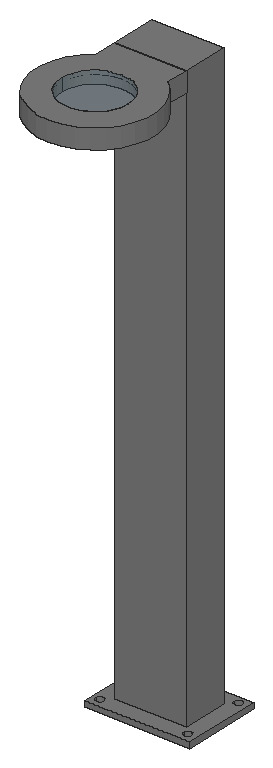
Revit family "Lighting-ArredoUrbano-GEWISS-ELIA-BL-LED_PALO_700mm", category Apparecchi per illuminazione, host Superficie, Revit 2019
Family settings
  Host = Superficie
  Quota connettore circolare = Usa diametro
  Tipo di parte = Normale
  Taglio con vuoti quando caricato = No
  Sorgente d'illuminazione = Sì
  Condiviso = No
  Punto di calcolo locali = Sì
Parameters (values of type "GWF2300PR840 - ELIA BL ST AL ON/OFF 4000K 700 MM")
  larghezza lampada = Lugnezza massima - 24 mm  # 50 mm
  Wattage = 9.2903 W
  Viti esterne = "-"
  Visibilità etichetta [instance] = yes
  Visibilità simbolo [instance] = yes
  Visibilità lampada in pianta [instance] = yes
  Versioni = "Standard 700 mm"
  Versione file RFA = "21.4"
  Variazione temperatura colore lampada con luminosità attenuata = (empty or 0)
  Vano di alimentazione = "Integrato"
  URL = "https://www.gewiss.com/it/it"
  Tolleranza cromatica = "SDCM = 5"
  Tipologia sorgente luminosa = "LED - Non sostituibile"
  Tipo di installazione e montaggio = "Terra"
  Tipo di apparecchio = "Apparecchio a LED per illuminazione diffusa"
  Tensione di alimentazione = ""
  Temperatura di stoccaggio = "-20° +65°"
  Temperatura di esercizio = "-20° +45°"
  built-in parameter 1150107 = 3200 (stored number, unit not read)
  Superficie massima esposta al vento : = "-"
  Spostamento_x_effettivo [instance] = 4000 mm - Spostamento_x  # 4000 mm
  Spostamento_x [instance] = 0 mm
  Spostamento_y_effettivo [instance] = 4000 mm - Spostamento_y  # 3728.036 mm
  Spostamento_y [instance] = 271.964 mm
  SostituibilitÃ  piastra di cablaggio = "Non disponibile"
  SostituibilitÃ  gruppo ottico = "Non disponibile"
  Sistema di controllo = "Stand alone"
  Schermo = "Policarbonato"
  Scheda Tecnica = "https://www.gewiss.com/it/it/search?q=GWF2300PR840"
  Resistenza al filo incandescente = "750 °C"
  Resistenza agli urti = "IK08"
  Rendi la forma visibile nel rendering = no
  ROTAZIONE [instance] = 45
  built-in parameter 1150110 = 1 (stored number, unit not read)
  built-in parameter 1150109 = 1 (stored number, unit not read)
  built-in parameter 1114218 = 1 (stored number, unit not read)
  built-in parameter 1150112 = 1 (stored number, unit not read)
  POSIZIONE = 80000  # constant formula
  Ottica = "Opale diffondente"
  Norma di riferimento = "-"
  built-in parameter 1150137 = (empty or 0)
  built-in parameter 1150132 = (empty or 0)
  Materiali = "-"
  Lunghezza simbolo sorgente d'illuminazione = 500 mm
  Lugnezza massima = 74 mm
  built-in parameter 1150105 = 4614.1 (stored number, unit not read)
  built-in parameter 1150102 = (empty or 0)
  Installazione e manutenzione = "-"
  Informazioni generali = "-"
  Indice di resa cromatica = "CRI>80"
  Inclinazione = "-"
  built-in parameter 1150106 = 46.141 (stored number, unit not read)
  Default Elevation = 1219.2 mm
  Produttore = "GEWISS S.p.A."
  Nome quadro [instance] = "330W"
  Modello = "GWF2300PR840"
  Immagine tipo = EliaBL.jpg
  IPEA = "-"
  IDT = "2f89f132-1269-468a-bfb5-5e1ea4b97a78"
  IDF = "42bf9adb-6bc5-4d1e-bdd1-5ef82f782d23"
  Guarnizioni = "-"
  Gruppo ottico = "-"
  Grado di protezione = "IP65"
  Garanzia = "5 anni"
  Gancio di chiusura = "-"
  Frequenza nominale (Hz) = "50/60 Hz"
  Lumens = 1380 lm
  Fissaggio = "Supporto in acciaio INOX"
  Finitura colore = "-"
  Color Filter = 16777215
  built-in parameter 1114217 = 1 (stored number, unit not read)
  built-in parameter 1150139 = (empty or 0)
  Failure rate alimentatore = "F025 = 50.000h Tq 25°C"
  Emetti da diametro cerchio = 100 mm
  built-in parameter 1150104 = 13.8 (stored number, unit not read)
  Durata di vita = "L80B50 (Tq25°C) = 50.000h"
  Distanza dal host [instance] = 0 mm
  Dispositivo di protezione = "DM 0,5KV / CM 1KV"
  built-in parameter 1150115 = 1 (stored number, unit not read)
  built-in parameter 1150114 = 1 (stored number, unit not read)
  built-in parameter 1150113 = 1 (stored number, unit not read)
  Descrizione = "ELIA BL ST AL ON/OFF 4000K 700 MM"
  Creato da GEWISS S.p.A. = ""
  Corpo = "Alluminio pressofuso"
  Controllo abbagliamento e luminanza = "UGR < 25"
  Contesto = "Illuminazione architetturale esterna"
  built-in parameter 1150134 = 3
  built-in parameter 1150138 = (empty or 0)
  Colore = "Nero"
  Codice digitale univoco (Datamatrix) = "Attualmente non presente"
  Codice Electrocod = "2419"
  Codice EAN = "8034035077401"
  Classificazione: = "-"
  Classe isolamento = "I"
  Classe fotobiologica = "RG0"
  Certificazioni e classificazioni = "-"
  Certificazione DIN 18032-3 = "-"
  Catalogo = "LIGHTING"
  Caratteristiche ottiche e illuminotecniche = "-"
  Caratteristiche elettriche e gestione della luce = "-"
  Cablaggio = "Con morsetto"
  COBie.Tagnumber = ""
  COBie.CreatedOn = ""
  COBie.CreatebBy = ""
  COBie.ComponentRegisterItemID = ""
  COBie.Component.TagNumber = ""
  COBie.Component.Space = ""
  COBie.Component.SerialNumber = ""
  COBie.Component.InstallationDate = ""
  COBie.Component.Description = ""
  COBie.Component.BarCode = ""
  Applicazione = "Esterno"
  Apparecchio a ridotta temperatura superficiale = "-"
  Angolo raggio riflettore = 0.5236 (stored number, unit not read)
  Angolo inclinazione = 90.00°
  Angolo campo riflettore = 1.5708 (stored number, unit not read)
  Alimentatore = "Incluso"
  built-in parameter 1150133 = 10 (stored number, unit not read)
Types (3, lengths in mm): name | Tensione di alimentazione | Scheda Tecnica | Modello | IDT | Descrizione | Codice EAN
  GWF2300PR830 - ELIA BL ST AL ON/OFF 3000K 700 MM | "100-240 V " | "https://www.gewiss.com/it/it/search?q=GWF2300PR830" | "GWF2300PR830" | "e39851da-c821-4a00-ab9c-930fca62687a" | "ELIA BL ST AL ON/OFF 3000K 700 MM" | "8034035077548"
  GWF2300PR840 - ELIA BL ST AL ON/OFF 4000K 700 MM | "" | "https://www.gewiss.com/it/it/search?q=GWF2300PR840" | "GWF2300PR840" | "2f89f132-1269-468a-bfb5-5e1ea4b97a78" | "ELIA BL ST AL ON/OFF 4000K 700 MM" | "8034035077401"
  GWF2300PR857 - ELIA BL ST AL ON/OFF 5700K 700 MM | "" | "https://www.gewiss.com/it/it/search?q=GWF2300PR857" | "GWF2300PR857" | "7f7ed045-532c-42f9-9fac-2926244d0684" | "ELIA BL ST AL ON/OFF 5700K 700 MM" | "8034035077418"
Reference planes
  plane 1 "Centro (Fronte/Retro)": y = 0
  plane 2: z = 0
  plane 3 "Centro (Sinistra/Destra)": x = 0
  plane 4: x = -4000
  plane 5: x = 0
  plane 6: x = 0
  plane 7: z = 1200
  plane 8: y = -4000
  plane 9: y = -271.964
  plane 10: x = -484.286
  plane 11: y = -410.182
  plane 12: x = 484.286
  plane 13: y = 410.182
  plane 14: z = -80
  plane 15 "a": through (0, -290.182, 34.975) normal (0, -0.7071, 0.7071)
  plane 16: through (-235.047, -128.222, 1219.2) normal (-0.9563, 0.2924, 0)
  plane 17: through (-40, -89.462, 1219.2) normal (0.1564, 0.9877, 0)
  plane 18: through (239.503, 190.64, 1219.2) normal (0.9563, -0.2924, 0)
Lines and regions (mm)
  reference lines
    curve 1: line (0, 243.036, 174.371) -> (0, -271.964, 174.371)
Dimensions and locks
  plane 4 to plane 3 "Centro (Sinistra/Destra)" = 4000 mm  (x2)
  "Spostamento_x_effettivo": plane 4 to plane 5
  "Spostamento_x_effettivo": plane 6 to plane 4
  plane 7 to plane 2 = 1200 mm
  "Spostamento_y_effettivo": plane 9 to plane 8
  plane 1 "Centro (Fronte/Retro)" to plane 8 = 4000 mm
  equal spacing: plane 10, plane 3 "Centro (Sinistra/Destra)", plane 12
  equal spacing: plane 13, plane 1 "Centro (Fronte/Retro)", plane 11
  locked: level to plane 14 at 80
  plane 10 to plane 12 = 968.572 mm
  plane 13 to plane 11 = 820.364 mm
  angle plane 17 to plane 18 = 82.00°  (x2)
  angle plane 16 to plane 17 = 98.00°
  aligned and locked: plane 2 to host face
  aligned and locked: level to host face
  aligned and locked: plane 6 to nested 1
  aligned and locked: nested 1 to plane 9
  aligned and locked: plane 3 "Centro (Sinistra/Destra)" to imposter light
  aligned and locked: imposter light to nested 2  (x2)
  aligned and locked: level to nested 2
Automatic sketch dimensions
  host sketch curve to host sketch curve = 2438.4 mm  (x2)
  plane 11 to curve 1 = 138.218 mm
  level to curve 1 = 174.371 mm
  curve 1 to plane 13 = 167.146 mm
Nested families
  nested 1: "Etichetta light" at (0, -271.964, 0), visible <- "Visibilità etichetta", type "Etichetta light"
  nested 2: "ELIA BL_base" at (0, 0, -7.141), type "ELIA BL_base"
Definition of nested family "ELIA BL_base"
  Parameters (values of type "ELIA BL_base")
    vetrino = none
    h_lampada = 700 mm
    W_struttura = 55 mm
    L_struttura = 85 mm
    Finitura struttura = none
  Reference planes
    plane 1 "Centro (Fronte/Retro)": y = 0
    plane 2: z = 0
    plane 3 "Centro (Sinistra/Destra)": x = 0
    plane 4: x = -62.5
    plane 5: y = 47.5
    plane 6: x = 62.5
    plane 7: y = -47.5
    plane 8: x = -42.5
    plane 9: y = 27.5
    plane 10: x = 42.5
    plane 11: y = -27.5
    plane 12: z = 7.141
    plane 13: x = -52.451
    plane 14: y = -37.804
    plane 15: y = 37.5
    plane 16: x = 52.624
    plane 17: z = 707.141
    plane 18: y = -180.5
    plane 19: z = 683.616
    plane 20: y = -110.497
    plane 21: z = 692.13
    plane 22: z = 702.708
  Forms (mm)
    Extrusion 1, solid, material <- "Finitura struttura"
      sketch origin (0, 0, 0) x (1, 0, 0) y (0, 1, 0)
        loop
          line (-62.5, -47.5) -> (62.5, -47.5) -> (62.5, 47.5) -> (-62.5, 47.5) -> (-62.5, -47.5)
      from 0 to 7.141
    Extrusion 2, void
      sketch origin (0, 0, 0) x (1, 0, 0) y (0, 1, 0)
        loop
          circle (-52.451, 37.5) r 5
        loop
          circle (-52.451, -37.804) r 5
        loop
          circle (52.451, 37.5) r 5
        loop
          circle (52.451, -37.804) r 5
      from 0 to 7.141
    Extrusion 3, solid, material <- "Finitura struttura"
      sketch origin (0, 0, 0) x (1, 0, 0) y (0, 1, 0)
        loop
          line (-42.5, 27.5) -> (-42.5, -27.5) -> (42.5, -27.5) -> (42.5, 27.5) -> (-42.5, 27.5)
      from 0 to 707.141
    Extrusion 4, solid, material <- "Finitura struttura"
      sketch origin (0, 0, 0) x (1, 0, 0) y (0, 1, 0)
        loop
          arc (-42.5, -54.879) -> (0, -180.5) -> (42.5, -54.879) r 70
          line (42.5, -54.879) -> (42.5, -27.5) -> (-42.5, -27.5) -> (-42.5, -54.879)
      from 683.616 to 707.141
    Extrusion 5, void
      sketch origin (0, 0, 0) x (1, 0, 0) y (0, 1, 0)
        loop
          circle (0, -110.497) r 40
      from 692.13 to 707.141
    Extrusion 6, solid, material <- "vetrino"
      sketch origin (0, 0, 0) x (1, 0, 0) y (0, 1, 0)
        loop
          circle (0, -110.497) r 40
      from 702.708 to 707.141
  Cuts and joins
    Extrusion 2 cuts Extrusion 1
    joined: Extrusion 1, Extrusion 3
    Extrusion 5 cuts Extrusion 4
  Dimensions and locks
    equal spacing: plane 8, plane 3 "Centro (Sinistra/Destra)", plane 10
    "L_struttura": plane 8 to plane 10
    equal spacing: plane 9, plane 1 "Centro (Fronte/Retro)", plane 11
    "W_struttura": plane 9 to plane 11
    locked: plane 5 to plane 9 at 20
    locked: plane 11 to plane 7 at 20
    locked: plane 4 to plane 8 at 20
    locked: plane 10 to plane 6 at 20
    locked: plane 12 to plane 2 at 7.141
    locked: plane 4 to plane 13 at 10.049
    locked: plane 14 to plane 7 at 9.696
    locked: plane 5 to plane 15 at 10
    locked: plane 16 to plane 6 at 9.876
    "h_lampada": plane 17 to plane 12
    plane 9 to plane 18 = 208 mm
    locked: plane 17 to plane 19 at 23.525
    locked: plane 21 to plane 19 at 8.514
    locked: plane 17 to plane 22 at 4.432
    diameter of cut or joined group of Extrusion 4, Extrusion 5 = 140 mm
    aligned and locked: level to plane 2
    aligned and locked: Extrusion 1 sketch curve to plane 4
    aligned and locked: Extrusion 1 sketch curve to plane 5
    aligned and locked: Extrusion 1 sketch curve to plane 6
    aligned and locked: Extrusion 1 sketch curve to plane 7
    aligned and locked: plane 12 to Extrusion 1
    aligned and locked: plane 13 to Extrusion 2 sketch curve  (x2)
    aligned and locked: plane 15 to Extrusion 2 sketch curve  (x2)
    aligned and locked: plane 14 to Extrusion 2 sketch curve  (x2)
    aligned and locked: Extrusion 2 to level
    aligned and locked: Extrusion 1 to Extrusion 2
    aligned and locked: Extrusion 3 sketch curve to plane 9
    aligned and locked: Extrusion 3 sketch curve to plane 8
    aligned and locked: Extrusion 3 sketch curve to plane 11
    aligned and locked: Extrusion 3 sketch curve to plane 10
    aligned and locked: plane 17 to Extrusion 3
    aligned and locked: Extrusion 4 sketch curve to plane 11
    aligned and locked: plane 17 to Extrusion 4
    aligned and locked: plane 19 to Extrusion 4
    aligned and locked: cut or joined group of Extrusion 1, Extrusion 2, Extrusion 3 to Extrusion 5
    aligned and locked: plane 21 to Extrusion 5
    aligned and locked: plane 17 to Extrusion 6
    aligned and locked: Extrusion 6 to plane 22
  Automatic sketch dimensions
    Extrusion 2 sketch curve to plane 16 = 0.173 mm  (x2)
    Extrusion 4 sketch curve to plane 8 = 0 mm
    Extrusion 4 sketch curve to plane 10 = 0 mm
    Extrusion 5 sketch curve to plane 3 "Centro (Sinistra/Destra)" = 0 mm
    plane 20 to Extrusion 5 sketch curve = 0 mm
    Extrusion 6 sketch curve to plane 3 "Centro (Sinistra/Destra)" = 0 mm
    plane 20 to Extrusion 6 sketch curve = 0 mm
    radius of Extrusion 2 sketch curve = 5 mm  (x4)
    radius of Extrusion 5 sketch curve = 40 mm
    radius of Extrusion 6 sketch curve = 40 mm
Definition of nested family "Etichetta light"
  Parameters (values of type "ETICHETTA LIGHT")
    COMMENTI = "330W"
  Reference planes
    plane 1: y = 0
    plane 2: x = 0
  Text (mm)
    label "COMMENTI" at (-0.057, 0.105, 0), shows "COMMENTI"
